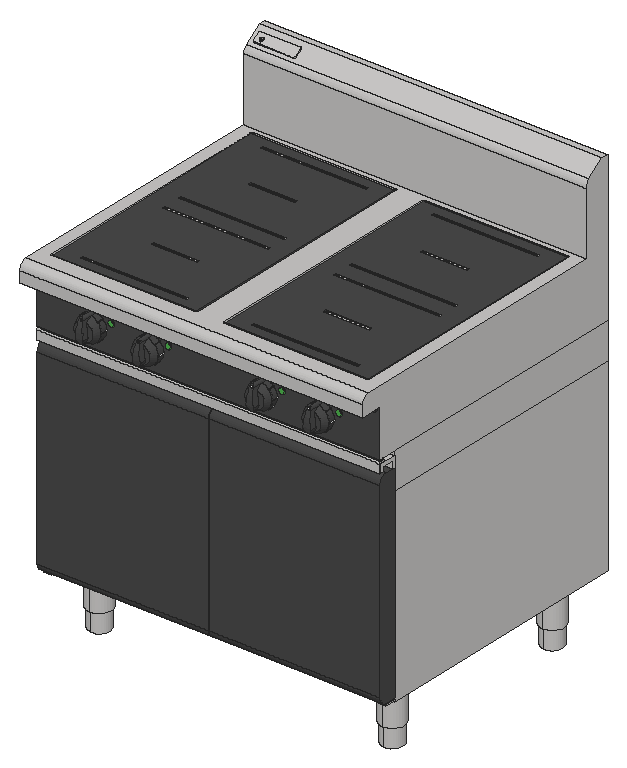
Revit family "QF_Moffat_INB8400R5-CD_Induction_Cooktop_cat", category Specialty Equipment, Revit 2019
Family settings
  Round Connector Dimension = Use Diameter
  Part Type = Normal
  Work Plane-Based = No
  Always vertical = Yes
  Cut with Voids When Loaded = No
  Shared = No
  Room Calculation Point = No
Parameters (values of type "INB8400R5-CD_415/60/3")
  Weight in Kilograms = 105
  Watts = 20000 W
  Volts = 415 V
  URL Cutsheet = ""
  Specification by User = ""
  Specification by Manufacturer = ""
  Show Logo [instance] = yes
  Serial Number = ""
  Seismic Rating = ""
  SMACNA No = ""
  Revision Code = ""
  Phase = 3
  Number of Poles = 1
  NAFEM Spec ID Number = ""
  Model = "INB8400R5-CD"
  Min Ckt Ampacity = 0 A
  Max Overcurrent Protection = 0 A
  Masterspec = ""
  Manufacturer = "Moffat"
  Length = 900 mm
  Item Number = ""
  Installed By = ""
  Identify Quantity as Lot = yes
  Height = 1130 mm
  HP = ""
  Furnished By = ""
  Foodservice Equipment Identifier = yes
  FL Amps = 28 A
  Electrical Remarks = ""
  Electric Connection Type = ""
  Elec Conn RI Height = 0 mm
  Elec Conn Connection Height = 0 mm
  Description = "Induction Cooktop"
  Depth = 805 mm
  Cycle = 60 Hz
  Conn Plug = ""
  Conn Conduit = yes
  CSI MasterFormat = ""
  Apparent Power = if(Phase = 3, Volts * FL Amps * 1.73, Volts * FL Amps)  # 20102.6 VA
Reference planes
  plane 1 "BACK": y = 0
  plane 2: z = 0
  plane 3 "LEFT": x = 0
  plane 4 "RIGHT": x = 900
  plane 5 "FRONT": y = -805
  plane 6 "TOP": z = 1130
  plane 7 "Center Y": x = 450
  plane 8 "Center X": y = -402.5
  plane 9: x = 65.5
  plane 10: x = 834.5
  plane 11: y = -30
  plane 12: z = 150
  plane 13: y = -100
  plane 14: y = -625
  plane 15: y = -70
  plane 16: z = 915
  plane 17: x = 770
Forms (mm)
  Extrusion 1, solid, material "QF_Metal_Stainless_Polished"
    sketch origin (0, 0, 560) x (0, 1, 0) y (0, 0, 1)
      loop
        line (0, 180) -> (0, 570) -> (-18.182, 570) -> (-60.863, 538.99)
        arc (-60.863, 538.99) -> (-67.584, 531.121) -> (-70, 521.058) r 22.165
        line (-70, 521.058) -> (-70, 355) -> (-784.417, 355)
        arc (-784.417, 355) -> (-798.971, 348.971) -> (-805, 334.417) r 20.583
        line (-805, 334.417) -> (-805, 305) -> (-749, 305) -> (-749, 180) -> (0, 180)
    from 0 to 900
  Extrusion 2, void
    sketch origin (0, -784.171, 915) x (0, 1, 0) y (-1, 0, 0)
      loop
        arc (699.341, -37.323) -> (697.584, -33.08) -> (693.341, -31.323) r 6
        line (693.341, -31.323) -> (45.245, -31.323)
        arc (45.245, -31.323) -> (41.002, -33.08) -> (39.245, -37.323) r 6
        line (39.245, -37.323) -> (39.245, -410.105)
        arc (39.245, -410.105) -> (41.002, -414.347) -> (45.245, -416.105) r 6
        line (45.245, -416.105) -> (693.341, -416.105)
        arc (693.341, -416.105) -> (697.584, -414.347) -> (699.341, -410.105) r 6
        line (699.341, -410.105) -> (699.341, -37.323)
      loop
        line (699.341, -862.677) -> (699.341, -489.895)
        arc (699.341, -489.895) -> (697.584, -485.653) -> (693.341, -483.895) r 6
        line (693.341, -483.895) -> (45.245, -483.895)
        arc (45.245, -483.895) -> (41.002, -485.653) -> (39.245, -489.895) r 6
        line (39.245, -489.895) -> (39.245, -862.677)
        arc (39.245, -862.677) -> (41.002, -866.92) -> (45.245, -868.677) r 6
        line (45.245, -868.677) -> (693.341, -868.677)
        arc (693.341, -868.677) -> (697.584, -866.92) -> (699.341, -862.677) r 6
    from 0 to -9.5
  Extrusion 3, solid, material "QF_Plastic_Black_Smooth"
    sketch origin (0, -784.171, 915) x (0, 1, 0) y (-1, 0, 0)
      loop
        line (695.341, -410.105) -> (695.341, -37.323)
        arc (695.341, -37.323) -> (694.755, -35.908) -> (693.341, -35.323) r 2
        line (693.341, -35.323) -> (45.245, -35.323)
        arc (45.245, -35.323) -> (43.831, -35.908) -> (43.245, -37.323) r 2
        line (43.245, -37.323) -> (43.245, -410.105)
        arc (43.245, -410.105) -> (43.831, -411.519) -> (45.245, -412.105) r 2
        line (45.245, -412.105) -> (693.341, -412.105)
        arc (693.341, -412.105) -> (694.755, -411.519) -> (695.341, -410.105) r 2
      loop
        line (667.194, -86.598) -> (661.194, -86.598) -> (661.194, -363.75) -> (667.194, -363.75) -> (667.194, -86.598)
      loop
        line (526.611, -163.924) -> (526.611, -283.924) -> (532.611, -283.924) -> (532.611, -163.924) -> (526.611, -163.924)
      loop
        line (398.444, -86.598) -> (392.444, -86.598) -> (392.444, -363.75) -> (398.444, -363.75) -> (398.444, -86.598)
      loop
        line (345.944, -86.598) -> (339.944, -86.598) -> (339.944, -363.75) -> (345.944, -363.75) -> (345.944, -86.598)
      loop
        line (206.611, -163.924) -> (206.611, -283.924) -> (212.611, -283.924) -> (212.611, -163.924) -> (206.611, -163.924)
      loop
        line (77.194, -86.598) -> (71.194, -86.598) -> (71.194, -363.75) -> (77.194, -363.75) -> (77.194, -86.598)
      loop
        arc (695.341, -489.895) -> (694.755, -488.481) -> (693.341, -487.895) r 2
        line (693.341, -487.895) -> (45.245, -487.895)
        arc (45.245, -487.895) -> (43.831, -488.481) -> (43.245, -489.895) r 2
        line (43.245, -489.895) -> (43.245, -862.677)
        arc (43.245, -862.677) -> (43.831, -864.092) -> (45.245, -864.677) r 2
        line (45.245, -864.677) -> (693.341, -864.677)
        arc (693.341, -864.677) -> (694.755, -864.092) -> (695.341, -862.677) r 2
        line (695.341, -862.677) -> (695.341, -489.895)
      loop
        line (667.194, -813.402) -> (667.194, -536.25) -> (661.194, -536.25) -> (661.194, -813.402) -> (667.194, -813.402)
      loop
        line (526.611, -736.076) -> (532.611, -736.076) -> (532.611, -616.076) -> (526.611, -616.076) -> (526.611, -736.076)
      loop
        line (398.444, -813.402) -> (398.444, -536.25) -> (392.444, -536.25) -> (392.444, -813.402) -> (398.444, -813.402)
      loop
        line (345.944, -813.402) -> (345.944, -536.25) -> (339.944, -536.25) -> (339.944, -813.402) -> (345.944, -813.402)
      loop
        line (206.611, -736.076) -> (212.611, -736.076) -> (212.611, -616.076) -> (206.611, -616.076) -> (206.611, -736.076)
      loop
        line (77.194, -813.402) -> (77.194, -536.25) -> (71.194, -536.25) -> (71.194, -813.402) -> (77.194, -813.402)
    from 0 to -9.5
  Extrusion 4, solid, material "QF_Metal_Stainless_Polished"
    sketch origin (0, 0, 600) x (0, 1, 0) y (0, 0, 1)
      loop
        line (-739.467, 140) -> (-738.192, 134.838)
        arc (-738.192, 134.838) -> (-738.307, 134.302) -> (-738.799, 134.063) r 0.625
        line (-738.799, 134.063) -> (-746.111, 134.063)
        arc (-746.111, 134.063) -> (-748.011, 133.276) -> (-748.797, 131.377) r 2.686
        line (-748.797, 131.377) -> (-748.797, 107.627) -> (-747.197, 107.627) -> (-747.197, 131.242)
        arc (-747.197, 131.242) -> (-746.84, 132.105) -> (-745.976, 132.463) r 1.221
        line (-745.976, 132.463) -> (-738.755, 132.463)
        arc (-738.755, 132.463) -> (-737.028, 133.304) -> (-736.625, 135.182) r 2.194
        line (-736.625, 135.182) -> (-737.815, 140) -> (-739.467, 140)
    from 0 to 900
  Extrusion 5, solid, material "QF_Plastic_Black_Smooth"
    sketch origin (0, -749, 741.875) x (0, 0, 1) y (-1, 0, 0)
      loop
        circle (112.843, -13.157) r 5
      loop
        circle (112.843, -886.843) r 5
    from 0 to 1.6
  Extrusion 6, solid, material "QF_Metal_Stainless_Polished"
    sketch origin (450, -699, 645) x (0, 1, 0) y (1, 0, 0)
      loop
        circle (669, 320) r 6.35
    from 0 to 10
  Extrusion 7, solid, material "QF_Metal_Stainless_Polished"
    sketch origin (0, -699, 645) x (1, 0, 0) y (0, -1, 0)
      loop
        line (0, -699) -> (900, -699) -> (900, 0) -> (849.2, 0) -> (849.2, -25.4) -> (485.8, -25.4) -> (485.8, 0) -> (414.2, 0) -> (414.2, -25.4) -> (50.8, -25.4) -> (50.8, 0) -> (0, 0) -> (0, -699)
    from 0 to -95
  Extrusion 8, solid, material "QF_Metal_Stainless_Polished"
    sketch origin (50.8, -30, 645) x (0, 1, 0) y (0, 0, 1)
      loop
        line (-669, 0) -> (-643.6, 0) -> (-643.6, 26.45) -> (-669, 26.45) -> (-669, 0)
      loop
        line (-669, 32.45) -> (-643.6, 32.45) -> (-643.6, 66.4) -> (-669, 66.4) -> (-669, 32.45)
      loop
        line (-669, 67.4) -> (-643.6, 67.4) -> (-643.6, 95) -> (-669, 95) -> (-669, 67.4)
    from 0 to 363.4
  Extrusion 9, solid, material "QF_Metal_Stainless_Polished"
    sketch origin (900, 0, 560) x (-1, 0, 0) y (0, -1, 0)
      loop
        line (536.25, 122.976) -> (536.25, 116.976) -> (813.402, 116.976) -> (813.402, 122.976) -> (536.25, 122.976)
      loop
        line (736.076, 251.56) -> (736.076, 257.56) -> (616.076, 257.56) -> (616.076, 251.56) -> (736.076, 251.56)
      loop
        line (813.402, 385.726) -> (813.402, 391.726) -> (536.25, 391.726) -> (536.25, 385.726) -> (813.402, 385.726)
      loop
        line (813.402, 438.226) -> (813.402, 444.226) -> (536.25, 444.226) -> (536.25, 438.226) -> (813.402, 438.226)
      loop
        line (736.076, 571.56) -> (736.076, 577.56) -> (616.076, 577.56) -> (616.076, 571.56) -> (736.076, 571.56)
      loop
        line (536.25, 712.976) -> (536.25, 706.976) -> (813.402, 706.976) -> (813.402, 712.976) -> (536.25, 712.976)
      loop
        line (363.75, 122.976) -> (86.598, 122.976) -> (86.598, 116.976) -> (363.75, 116.976) -> (363.75, 122.976)
      loop
        line (163.924, 251.56) -> (283.924, 251.56) -> (283.924, 257.56) -> (163.924, 257.56) -> (163.924, 251.56)
      loop
        line (86.598, 385.726) -> (363.75, 385.726) -> (363.75, 391.726) -> (86.598, 391.726) -> (86.598, 385.726)
      loop
        line (86.598, 438.226) -> (363.75, 438.226) -> (363.75, 444.226) -> (86.598, 444.226) -> (86.598, 438.226)
      loop
        line (163.924, 571.56) -> (283.924, 571.56) -> (283.924, 577.56) -> (163.924, 577.56) -> (163.924, 571.56)
      loop
        line (363.75, 712.976) -> (86.598, 712.976) -> (86.598, 706.976) -> (363.75, 706.976) -> (363.75, 712.976)
    from 355 to 345.5
  Extrusion 10, solid, material "QF_Paint_Green"
    sketch origin (63.231, -748.999, 713.75) x (0, 0, 1) y (-1, 0, 0)
      loop
        circle (100.3, -282.5) r 7.15
    from 0 to 1.6
  Extrusion 11, solid, material "QF_Plastic_Black_Smooth"
    sketch origin (75, -748.999, 725.625) x (0, 0, 1) y (-1, 0, 0)
      loop
        circle (112.843, -225) r 5
    from 0 to 1.6
  Extrusion 12, solid, material "QF_Paint_Green"
    sketch origin (-86.769, -748.999, 713.75) x (0, 0, 1) y (-1, 0, 0)
      loop
        circle (100.3, -282.5) r 7.15
    from 0 to 1.6
  Extrusion 13, solid, material "QF_Plastic_Black_Smooth"
    sketch origin (-75, -748.999, 725.625) x (0, 0, 1) y (-1, 0, 0)
      loop
        circle (112.843, -225) r 5
    from 0 to 1.6
  Extrusion 14, solid, material "QF_Paint_Green"
    sketch origin (511.981, -748.999, 713.75) x (0, 0, 1) y (-1, 0, 0)
      loop
        circle (100.3, -282.5) r 7.15
    from 0 to 1.6
  Extrusion 15, solid, material "QF_Plastic_Black_Smooth"
    sketch origin (523.75, -748.999, 725.625) x (0, 0, 1) y (-1, 0, 0)
      loop
        circle (112.843, -225) r 5
    from 0 to 1.6
  Extrusion 16, solid, material "QF_Paint_Green"
    sketch origin (361.981, -748.999, 713.75) x (0, 0, 1) y (-1, 0, 0)
      loop
        circle (100.3, -282.5) r 7.15
    from 0 to 1.6
  Extrusion 17, solid, material "QF_Plastic_Black_Smooth"
    sketch origin (373.75, -748.999, 725.625) x (0, 0, 1) y (-1, 0, 0)
      loop
        circle (112.843, -225) r 5
    from 0 to 1.6
  Extrusion 18, solid, material "QF_Metal_Stainless_Polished"
    sketch origin (849.2, -30, 645) x (0, 1, 0) y (0, 0, -1)
      loop
        line (-669, 0) -> (-669, -26.45) -> (-643.6, -26.45) -> (-643.6, 0) -> (-669, 0)
      loop
        line (-669, -32.45) -> (-669, -66.4) -> (-643.6, -66.4) -> (-643.6, -32.45) -> (-669, -32.45)
      loop
        line (-669, -67.4) -> (-669, -95) -> (-643.6, -95) -> (-643.6, -67.4) -> (-669, -67.4)
    from 0 to 363.4
Cuts and joins
  Extrusion 2 cuts Extrusion 1
Lines and regions (mm)
  symbolic lines
    curve 1: line (0, 0, 0) -> (900, 0, 0)
    curve 2: line (0, -805, 0) -> (0, 0, 0)
    curve 3: line (900, -805, 0) -> (0, -805, 0)
    curve 4: line (900, 0, 0) -> (900, -805, 0)
    curve 5: line (0, -18.182, 0) -> (900, -18.182, 0)
    curve 6: line (0, -70, 0) -> (450, -70, 0)
    curve 7: line (37.323, -84.83, 0) -> (410.105, -84.83, 0)
    curve 8: arc (410.105, -84.83, 0) -> (414.347, -86.587, 0) -> (416.105, -90.83, 0) r 6
    curve 9: line (416.105, -90.83, 0) -> (416.105, -738.926, 0)
    curve 10: arc (416.105, -738.926, 0) -> (414.347, -743.168, 0) -> (410.105, -744.926, 0) r 6
    curve 11: line (410.105, -744.926, 0) -> (37.323, -744.926, 0)
    curve 12: arc (37.323, -744.926, 0) -> (33.08, -743.168, 0) -> (31.323, -738.926, 0) r 6
    curve 13: line (31.323, -738.926, 0) -> (31.323, -90.83, 0)
    curve 14: arc (31.323, -90.83, 0) -> (33.08, -86.587, 0) -> (37.323, -84.83, 0) r 6
    curve 15: line (410.105, -88.83, 0) -> (37.323, -88.83, 0)
    curve 16: arc (37.323, -88.83, 0) -> (35.908, -89.415, 0) -> (35.323, -90.83, 0) r 2
    curve 17: line (35.323, -90.83, 0) -> (35.323, -738.926, 0)
    curve 18: arc (35.323, -738.926, 0) -> (35.908, -740.34, 0) -> (37.323, -740.926, 0) r 2
    curve 19: line (37.323, -740.926, 0) -> (410.105, -740.926, 0)
    curve 20: arc (410.105, -740.926, 0) -> (411.519, -740.34, 0) -> (412.105, -738.926, 0) r 2
    curve 21: line (412.105, -738.926, 0) -> (412.105, -90.83, 0)
    curve 22: arc (412.105, -90.83, 0) -> (411.519, -89.415, 0) -> (410.105, -88.83, 0) r 2
    curve 23: line (416.105, -738.926, 0) -> (416.105, -90.83, 0)
    curve 24: line (412.105, -90.83, 0) -> (412.105, -738.926, 0)
    curve 25: line (862.677, -84.83, 0) -> (489.895, -84.83, 0)
    curve 26: arc (489.895, -84.83, 0) -> (485.653, -86.587, 0) -> (483.895, -90.83, 0) r 6
    curve 27: arc (483.895, -738.926, 0) -> (485.653, -743.168, 0) -> (489.895, -744.926, 0) r 6
    curve 28: line (489.895, -744.926, 0) -> (862.677, -744.926, 0)
    curve 29: arc (862.677, -744.926, 0) -> (866.92, -743.168, 0) -> (868.677, -738.926, 0) r 6
    curve 30: line (868.677, -738.926, 0) -> (868.677, -90.83, 0)
    curve 31: arc (868.677, -90.83, 0) -> (866.92, -86.587, 0) -> (862.677, -84.83, 0) r 6
    curve 32: line (489.895, -88.83, 0) -> (862.677, -88.83, 0)
    curve 33: arc (862.677, -88.83, 0) -> (864.092, -89.415, 0) -> (864.677, -90.83, 0) r 2
    curve 34: line (864.677, -90.83, 0) -> (864.677, -738.926, 0)
    curve 35: arc (864.677, -738.926, 0) -> (864.092, -740.34, 0) -> (862.677, -740.926, 0) r 2
    curve 36: line (862.677, -740.926, 0) -> (489.895, -740.926, 0)
    curve 37: arc (489.895, -740.926, 0) -> (488.481, -740.34, 0) -> (487.895, -738.926, 0) r 2
    curve 38: arc (487.895, -90.83, 0) -> (488.481, -89.415, 0) -> (489.895, -88.83, 0) r 2
    curve 39: line (487.895, -90.83, 0) -> (487.895, -738.926, 0)
    curve 40: arc (487.895, -738.926, 0) -> (488.481, -740.34, 0) -> (489.895, -740.926, 0) r 2
    curve 41: line (489.895, -740.926, 0) -> (862.677, -740.926, 0)
    curve 42: arc (862.677, -740.926, 0) -> (864.092, -740.34, 0) -> (864.677, -738.926, 0) r 2
    curve 43: line (864.677, -738.926, 0) -> (864.677, -90.83, 0)
    curve 44: arc (864.677, -90.83, 0) -> (864.092, -89.415, 0) -> (862.677, -88.83, 0) r 2
    curve 45: line (862.677, -88.83, 0) -> (489.895, -88.83, 0)
    curve 46: arc (489.895, -88.83, 0) -> (488.481, -89.415, 0) -> (487.895, -90.83, 0) r 2
    curve 47: line (483.895, -90.83, 0) -> (483.895, -738.926, 0)
    curve 48: arc (483.895, -738.926, 0) -> (485.653, -743.168, 0) -> (489.895, -744.926, 0) r 6
    curve 49: line (489.895, -744.926, 0) -> (862.677, -744.926, 0)
    curve 50: arc (862.677, -744.926, 0) -> (866.92, -743.168, 0) -> (868.677, -738.926, 0) r 6
    curve 51: line (868.677, -738.926, 0) -> (868.677, -90.83, 0)
    curve 52: arc (868.677, -90.83, 0) -> (866.92, -86.587, 0) -> (862.677, -84.83, 0) r 6
    curve 53: line (862.677, -84.83, 0) -> (489.895, -84.83, 0)
    curve 54: arc (489.895, -84.83, 0) -> (485.653, -86.587, 0) -> (483.895, -90.83, 0) r 6
    curve 55: line (86.598, -122.976, 0) -> (363.75, -122.976, 0)
    curve 56: line (363.75, -122.976, 0) -> (363.75, -116.976, 0)
    curve 57: line (363.75, -116.976, 0) -> (86.598, -116.976, 0)
    curve 58: line (86.598, -116.976, 0) -> (86.598, -122.976, 0)
    curve 59: line (283.924, -251.56, 0) -> (163.924, -251.56, 0)
    curve 60: line (163.924, -251.56, 0) -> (163.924, -257.56, 0)
    curve 61: line (163.924, -257.56, 0) -> (283.924, -257.56, 0)
    curve 62: line (283.924, -257.56, 0) -> (283.924, -251.56, 0)
    curve 63: line (536.25, -122.976, 0) -> (813.402, -122.976, 0)
    curve 64: line (813.402, -122.976, 0) -> (813.402, -116.976, 0)
    curve 65: line (813.402, -116.976, 0) -> (536.25, -116.976, 0)
    curve 66: line (536.25, -116.976, 0) -> (536.25, -122.976, 0)
    curve 67: line (736.076, -251.56, 0) -> (616.076, -251.56, 0)
    curve 68: line (616.076, -251.56, 0) -> (616.076, -257.56, 0)
    curve 69: line (616.076, -257.56, 0) -> (736.076, -257.56, 0)
    curve 70: line (736.076, -257.56, 0) -> (736.076, -251.56, 0)
    curve 71: line (736.076, -571.56, 0) -> (616.076, -571.56, 0)
    curve 72: line (616.076, -571.56, 0) -> (616.076, -577.56, 0)
    curve 73: line (616.076, -577.56, 0) -> (736.076, -577.56, 0)
    curve 74: line (736.076, -577.56, 0) -> (736.076, -571.56, 0)
    curve 75: line (813.402, -706.976, 0) -> (536.25, -706.976, 0)
    curve 76: line (536.25, -706.976, 0) -> (536.25, -712.976, 0)
    curve 77: line (536.25, -712.976, 0) -> (813.402, -712.976, 0)
    curve 78: line (813.402, -712.976, 0) -> (813.402, -706.976, 0)
    curve 79: line (86.598, -712.976, 0) -> (363.75, -712.976, 0)
    curve 80: line (363.75, -712.976, 0) -> (363.75, -706.976, 0)
    curve 81: line (363.75, -706.976, 0) -> (86.598, -706.976, 0)
    curve 82: line (86.598, -706.976, 0) -> (86.598, -712.976, 0)
    curve 83: line (283.924, -577.56, 0) -> (163.924, -577.56, 0)
    curve 84: line (163.924, -577.56, 0) -> (163.924, -571.56, 0)
    curve 85: line (163.924, -571.56, 0) -> (283.924, -571.56, 0)
    curve 86: line (283.924, -571.56, 0) -> (283.924, -577.56, 0)
    curve 87: line (86.598, -444.226, 0) -> (363.75, -444.226, 0)
    curve 88: line (363.75, -444.226, 0) -> (363.75, -438.226, 0)
    curve 89: line (363.75, -438.226, 0) -> (86.598, -438.226, 0)
    curve 90: line (86.598, -438.226, 0) -> (86.598, -444.226, 0)
    curve 91: line (86.598, -391.726, 0) -> (363.75, -391.726, 0)
    curve 92: line (363.75, -391.726, 0) -> (363.75, -385.726, 0)
    curve 93: line (363.75, -385.726, 0) -> (86.598, -385.726, 0)
    curve 94: line (86.598, -385.726, 0) -> (86.598, -391.726, 0)
    curve 95: line (0, 0, 560) -> (900, 0, 560)
    curve 96: line (0, -805, 560) -> (0, 0, 560)
    curve 97: line (900, -805, 560) -> (0, -805, 560)
    curve 98: line (900, 0, 560) -> (900, -805, 560)
    curve 99: line (0, -18.182, 560) -> (900, -18.182, 560)
    curve 100: line (0, -70, 560) -> (900, -70, 560)
    curve 101: line (416.105, -90.83, 560) -> (416.105, -738.926, 560)
    curve 102: line (412.105, -738.926, 560) -> (412.105, -90.83, 560)
    curve 103: line (416.105, -738.926, 560) -> (416.105, -90.83, 560)
    curve 104: line (412.105, -90.83, 560) -> (412.105, -738.926, 560)
    curve 105: line (862.677, -84.83, 560) -> (489.895, -84.83, 560)
    curve 106: arc (483.895, -738.926, 560) -> (485.653, -743.168, 560) -> (489.895, -744.926, 560) r 6
    curve 107: line (489.895, -744.926, 560) -> (862.677, -744.926, 560)
    curve 108: arc (862.677, -744.926, 560) -> (866.92, -743.168, 560) -> (868.677, -738.926, 560) r 6
    curve 109: arc (864.677, -738.926, 560) -> (864.092, -740.34, 560) -> (862.677, -740.926, 560) r 2
    curve 110: line (862.677, -740.926, 560) -> (489.895, -740.926, 560)
    curve 111: arc (489.895, -740.926, 560) -> (488.481, -740.34, 560) -> (487.895, -738.926, 560) r 2
    curve 112: arc (487.895, -738.926, 560) -> (488.481, -740.34, 560) -> (489.895, -740.926, 560) r 2
    curve 113: line (489.895, -740.926, 560) -> (862.677, -740.926, 560)
    curve 114: arc (862.677, -740.926, 560) -> (864.092, -740.34, 560) -> (864.677, -738.926, 560) r 2
    curve 115: arc (483.895, -738.926, 560) -> (485.653, -743.168, 560) -> (489.895, -744.926, 560) r 6
    curve 116: line (489.895, -744.926, 560) -> (862.677, -744.926, 560)
    curve 117: arc (862.677, -744.926, 560) -> (866.92, -743.168, 560) -> (868.677, -738.926, 560) r 6
    curve 118: line (86.598, -122.976, 560) -> (363.75, -122.976, 560)
    curve 119: line (363.75, -122.976, 560) -> (363.75, -116.976, 560)
    curve 120: line (363.75, -116.976, 560) -> (86.598, -116.976, 560)
    curve 121: line (86.598, -116.976, 560) -> (86.598, -122.976, 560)
    curve 122: line (283.924, -251.56, 560) -> (163.924, -251.56, 560)
    curve 123: line (163.924, -251.56, 560) -> (163.924, -257.56, 560)
    curve 124: line (163.924, -257.56, 560) -> (283.924, -257.56, 560)
    curve 125: line (283.924, -257.56, 560) -> (283.924, -251.56, 560)
    curve 126: line (536.25, -122.976, 560) -> (813.402, -122.976, 560)
    curve 127: line (813.402, -122.976, 560) -> (813.402, -116.976, 560)
    curve 128: line (813.402, -116.976, 560) -> (536.25, -116.976, 560)
    curve 129: line (536.25, -116.976, 560) -> (536.25, -122.976, 560)
    curve 130: line (736.076, -251.56, 560) -> (616.076, -251.56, 560)
    curve 131: line (616.076, -251.56, 560) -> (616.076, -257.56, 560)
    curve 132: line (616.076, -257.56, 560) -> (736.076, -257.56, 560)
    curve 133: line (736.076, -257.56, 560) -> (736.076, -251.56, 560)
    curve 134: line (736.076, -571.56, 560) -> (616.076, -571.56, 560)
    curve 135: line (616.076, -571.56, 560) -> (616.076, -577.56, 560)
    curve 136: line (616.076, -577.56, 560) -> (736.076, -577.56, 560)
    curve 137: line (736.076, -577.56, 560) -> (736.076, -571.56, 560)
    curve 138: line (813.402, -706.976, 560) -> (536.25, -706.976, 560)
    curve 139: line (536.25, -706.976, 560) -> (536.25, -712.976, 560)
    curve 140: line (536.25, -712.976, 560) -> (813.402, -712.976, 560)
    curve 141: line (813.402, -712.976, 560) -> (813.402, -706.976, 560)
    curve 142: line (86.598, -712.976, 560) -> (363.75, -712.976, 560)
    curve 143: line (363.75, -712.976, 560) -> (363.75, -706.976, 560)
    curve 144: line (363.75, -706.976, 560) -> (86.598, -706.976, 560)
    curve 145: line (86.598, -706.976, 560) -> (86.598, -712.976, 560)
    curve 146: line (283.924, -577.56, 560) -> (163.924, -577.56, 560)
    curve 147: line (163.924, -577.56, 560) -> (163.924, -571.56, 560)
    curve 148: line (163.924, -571.56, 560) -> (283.924, -571.56, 560)
    curve 149: line (283.924, -571.56, 560) -> (283.924, -577.56, 560)
    curve 150: line (86.598, -444.226, 560) -> (363.75, -444.226, 560)
    curve 151: line (363.75, -444.226, 560) -> (363.75, -438.226, 560)
    curve 152: line (363.75, -438.226, 560) -> (86.598, -438.226, 560)
    curve 153: line (86.598, -438.226, 560) -> (86.598, -444.226, 560)
    curve 154: line (86.598, -391.726, 560) -> (363.75, -391.726, 560)
    curve 155: line (363.75, -391.726, 560) -> (363.75, -385.726, 560)
    curve 156: line (363.75, -385.726, 560) -> (86.598, -385.726, 560)
    curve 157: line (86.598, -385.726, 560) -> (86.598, -391.726, 560)
    curve 158: line (536.25, -391.726, 560) -> (813.402, -391.726, 560)
    curve 159: line (813.402, -391.726, 560) -> (813.402, -385.726, 560)
    curve 160: line (813.402, -385.726, 560) -> (536.25, -385.726, 560)
    curve 161: line (536.25, -385.726, 560) -> (536.25, -391.726, 560)
    curve 162: line (536.25, -444.226, 560) -> (813.402, -444.226, 560)
    curve 163: line (813.402, -444.226, 560) -> (813.402, -438.226, 560)
    curve 164: line (813.402, -438.226, 560) -> (536.25, -438.226, 560)
    curve 165: line (536.25, -438.226, 560) -> (536.25, -444.226, 560)
Dimensions and locks
  equal spacing: plane 3 "LEFT", plane 7 "Center Y", plane 4 "RIGHT"
  "Length": plane 3 "LEFT" to plane 4 "RIGHT"
  equal spacing: plane 5 "FRONT", plane 8 "Center X", plane 1 "BACK"
  "Depth": plane 5 "FRONT" to plane 1 "BACK"
  "Height": plane 6 "TOP" to level
  plane 9 to plane 10 = 769 mm
  plane 4 "RIGHT" to plane 3 "LEFT" = 900 mm
  plane 6 "TOP" to plane 2 = 1130 mm
  plane 1 "BACK" to plane 11 = 30 mm
  plane 1 "BACK" to plane 13 to plane 14 = 100 mm, 525 mm
  plane 1 "BACK" to plane 15 = 70 mm
  plane 16 to level = 915 mm  (x2)
  level to plane 12 = 150 mm
  plane 12 to level = 150 mm
  plane 4 "RIGHT" to plane 17 = 130 mm
  plane 1 "BACK" to plane 5 "FRONT" = 805 mm
  locked: plane 10 to plane 4 "RIGHT" at 65.5
  aligned and locked: level to plane 2
  aligned and locked: Extrusion 18 to Extrusion 7  (x2)
Automatic sketch dimensions
  Extrusion 1 sketch curve to plane 5 "FRONT" = 0 mm
  Extrusion 1 sketch curve to plane 16 = 0 mm
  Extrusion 1 sketch curve to plane 15 = 0 mm
  Extrusion 1 sketch curve to plane 6 "TOP" = 0 mm
  Extrusion 1 sketch curve to plane 1 "BACK" = 0 mm
  Extrusion 1 sketch curve to plane 5 "FRONT" = 20.583 mm
  Extrusion 1 sketch curve to plane 5 "FRONT" = 56 mm
  Extrusion 1 sketch curve to plane 15 = 9.137 mm
  plane 11 to Extrusion 1 sketch curve = 17.835 mm
  Extrusion 1 sketch curve to plane 11 = 11.818 mm
  Extrusion 1 sketch curve to Extrusion 1 sketch curve = 29.417 mm
  Extrusion 1 sketch curve to plane 16 = 175 mm
  Extrusion 1 sketch curve to plane 6 "TOP" = 48.942 mm
  Extrusion 2 sketch curve to Extrusion 1 = 39.492 mm  (x2)
  Extrusion 2 sketch curve to Extrusion 2 sketch curve = 6 mm  (x6)
  Extrusion 1 to Extrusion 2 sketch curve = 20.83 mm  (x4)
  Extrusion 1 to Extrusion 2 sketch curve = 31.323 mm
  Extrusion 2 sketch curve to Extrusion 2 sketch curve = 372.782 mm
  Extrusion 2 sketch curve to Extrusion 2 sketch curve = 67.791 mm
  Extrusion 1 to Extrusion 2 sketch curve = 37.323 mm
  Extrusion 4 sketch curve to plane 5 "FRONT" = 56.203 mm
  Extrusion 4 sketch curve to Extrusion 4 sketch curve = 1.6 mm
  Extrusion 4 sketch curve to Extrusion 4 sketch curve = 1.086 mm
  Extrusion 4 sketch curve to Extrusion 4 sketch curve = 0.135 mm  (x2)
  Extrusion 4 sketch curve to Extrusion 4 sketch curve = 6.644 mm
  Extrusion 4 sketch curve to Extrusion 4 sketch curve = 0.668 mm
  Extrusion 4 sketch curve to Extrusion 4 sketch curve = 0.044 mm
  Extrusion 4 sketch curve to Extrusion 4 sketch curve = 0.563 mm
  Extrusion 4 sketch curve to Extrusion 4 sketch curve = 1.652 mm
  Extrusion 4 sketch curve to Extrusion 4 sketch curve = 1.567 mm
  Extrusion 4 sketch curve to plane 16 = 207.373 mm
  Extrusion 4 sketch curve to Extrusion 4 sketch curve = 23.614 mm
  Extrusion 4 sketch curve to Extrusion 4 sketch curve = 0.594 mm
  Extrusion 4 sketch curve to Extrusion 4 sketch curve = 0.032 mm
  Extrusion 4 sketch curve to Extrusion 4 sketch curve = 5.162 mm
  Extrusion 1 to Extrusion 5 sketch curve = 10.282 mm  (x2)
  Extrusion 1 to Extrusion 5 sketch curve = 13.157 mm  (x2)
  Extrusion 12 sketch curve to plane 16 = 100.95 mm
  Extrusion 12 sketch curve to plane 9 = 130.231 mm
  Extrusion 13 sketch curve to plane 16 = 76.532 mm
  Extrusion 13 sketch curve to plane 9 = 84.5 mm
  plane 17 to Extrusion 14 sketch curve = 24.481 mm
  Extrusion 14 sketch curve to plane 16 = 100.95 mm
  Extrusion 15 sketch curve to plane 17 = 21.25 mm
  Extrusion 15 sketch curve to plane 16 = 76.532 mm
  Extrusion 16 sketch curve to plane 16 = 100.95 mm
  Extrusion 16 sketch curve to plane 17 = 125.519 mm
  plane 14 to Extrusion 18 sketch curve = 74 mm
  Extrusion 18 sketch curve to Extrusion 18 sketch curve = 0 mm  (x4)
  Extrusion 18 sketch curve to Extrusion 18 sketch curve = 25.4 mm
  Extrusion 18 sketch curve to plane 16 = 175 mm
  Extrusion 18 sketch curve to Extrusion 18 sketch curve = 27.6 mm
  Extrusion 18 sketch curve to Extrusion 18 sketch curve = 1 mm
  Extrusion 18 sketch curve to Extrusion 18 sketch curve = 33.95 mm
  Extrusion 18 sketch curve to Extrusion 18 sketch curve = 6 mm
  Extrusion 18 sketch curve to Extrusion 18 sketch curve = 26.45 mm
  Extrusion 3 sketch curve to Extrusion 1 = 43.492 mm  (x2)
  Extrusion 3 sketch curve to Extrusion 3 sketch curve = 2 mm  (x6)
  Extrusion 3 sketch curve to Extrusion 3 sketch curve = 25.949 mm  (x2)
  Extrusion 3 sketch curve to Extrusion 3 sketch curve = 6 mm  (x12)
  Extrusion 3 sketch curve to Extrusion 3 sketch curve = 129.416 mm  (x2)
  Extrusion 3 sketch curve to Extrusion 3 sketch curve = 127.334 mm  (x2)
  Extrusion 3 sketch curve to Extrusion 3 sketch curve = 46.5 mm  (x2)
  Extrusion 3 sketch curve to Extrusion 3 sketch curve = 128.166 mm  (x2)
  Extrusion 1 to Extrusion 3 sketch curve = 52.976 mm  (x2)
  Extrusion 1 to Extrusion 3 sketch curve = 20.83 mm  (x4)
  Extrusion 1 to Extrusion 3 sketch curve = 35.323 mm
  Extrusion 3 sketch curve to Extrusion 3 sketch curve = 49.275 mm  (x2)
  Extrusion 1 to Extrusion 3 sketch curve = 86.598 mm  (x4)
  Extrusion 3 sketch curve to Extrusion 3 sketch curve = 0 mm  (x4)
  Extrusion 3 sketch curve to Extrusion 3 sketch curve = 77.326 mm  (x2)
  Extrusion 3 sketch curve to Extrusion 3 sketch curve = 120 mm  (x4)
  Extrusion 3 sketch curve to Extrusion 3 sketch curve = 79.826 mm  (x5)
  Extrusion 3 sketch curve to Extrusion 3 sketch curve = 46.355 mm  (x3)
  Extrusion 3 sketch curve to Extrusion 3 sketch curve = 75.791 mm
  Extrusion 3 sketch curve to Extrusion 3 sketch curve = 172.5 mm
  Extrusion 1 to Extrusion 3 sketch curve = 37.323 mm
  curve 8 to curve 22 = 0 mm  (x2)
  curve 10 to curve 20 = 0 mm  (x2)
  curve 12 to curve 18 = 0 mm  (x2)
  curve 14 to curve 16 = 0 mm  (x2)
  curve 26 to curve 38 = 0 mm  (x2)
  curve 26 to curve 46 = 0 mm  (x2)
  curve 26 to curve 54 = 0 mm  (x2)
  curve 27 to curve 37 = 0 mm  (x2)
  curve 27 to curve 40 = 0 mm  (x2)
  curve 27 to curve 48 = 0 mm  (x2)
  curve 29 to curve 35 = 0 mm  (x2)
  curve 29 to curve 42 = 0 mm  (x2)
  curve 29 to curve 50 = 0 mm  (x2)
  curve 31 to curve 33 = 0 mm  (x2)
  curve 31 to curve 44 = 0 mm  (x2)
  curve 31 to curve 52 = 0 mm  (x2)
  curve 33 to curve 44 = 0 mm  (x2)
  curve 33 to curve 52 = 0 mm  (x2)
  curve 35 to curve 42 = 0 mm  (x2)
  curve 35 to curve 50 = 0 mm  (x2)
  curve 37 to curve 40 = 0 mm  (x2)
  curve 37 to curve 48 = 0 mm  (x2)
  curve 38 to curve 46 = 0 mm  (x2)
  curve 38 to curve 54 = 0 mm  (x2)
  curve 40 to curve 48 = 0 mm  (x2)
  curve 42 to curve 50 = 0 mm  (x2)
  curve 44 to curve 52 = 0 mm  (x2)
  curve 46 to curve 54 = 0 mm  (x2)
  plane 1 "BACK" to curve 1 = 0 mm
  curve 1 to plane 3 "LEFT" = 0 mm
  curve 6 to plane 7 "Center Y" = 0 mm
  curve 5 to plane 4 "RIGHT" = 0 mm
  plane 5 "FRONT" to curve 3 = 0 mm
  plane 15 to curve 6 = 0 mm
  plane 3 "LEFT" to curve 13 = 31.323 mm
  curve 13 to curve 17 = 4 mm
  curve 17 to curve 16 = 2 mm
  curve 17 to curve 18 = 2 mm
  curve 94 to plane 9 = 21.098 mm
  curve 57 to plane 9 = 21.098 mm
  curve 79 to plane 9 = 21.098 mm
  curve 87 to plane 9 = 21.098 mm
  curve 83 to plane 14 = 47.44 mm
  curve 83 to plane 9 = 98.424 mm
  curve 59 to plane 9 = 98.424 mm
  curve 60 to curve 61 = 120 mm
  curve 85 to plane 14 = 53.44 mm
  curve 84 to curve 85 = 120 mm
  curve 79 to plane 7 "Center Y" = 86.25 mm
  curve 88 to plane 8 "Center X" = 41.726 mm
  curve 88 to plane 7 "Center Y" = 86.25 mm
  plane 13 to curve 57 = 16.976 mm
  curve 57 to plane 7 "Center Y" = 86.25 mm
  plane 8 "Center X" to curve 93 = 16.774 mm
  curve 93 to curve 88 = 0 mm
  curve 10 to plane 7 "Center Y" = 39.895 mm
  curve 22 to plane 13 = 9.17 mm
  curve 22 to plane 7 "Center Y" = 39.895 mm
  curve 10 to curve 21 = 2 mm
  plane 7 "Center Y" to curve 47 = 33.895 mm
  curve 54 to curve 39 = 4 mm
  curve 38 to curve 45 = 2 mm
  curve 37 to curve 40 = 2 mm
  curve 27 to curve 77 = 46.355 mm
  plane 13 to curve 65 = 16.976 mm
  curve 38 to curve 65 = 46.355 mm
  curve 72 to plane 14 = 53.44 mm
  curve 72 to plane 17 = 153.924 mm
  curve 63 to curve 68 = 79.826 mm
  curve 70 to plane 17 = 33.924 mm
  curve 73 to plane 17 = 33.924 mm
  plane 10 to curve 65 = 21.098 mm
  plane 10 to curve 78 = 21.098 mm
  curve 33 to plane 13 = 9.17 mm
  curve 33 to plane 10 = 28.177 mm
  curve 50 to plane 10 = 28.177 mm
  curve 31 to curve 34 = 2 mm
  curve 28 to plane 5 "FRONT" = 60.074 mm
  curve 11 to plane 5 "FRONT" = 60.074 mm
  curve 29 to curve 77 = 25.949 mm
  curve 10 to curve 80 = 25.949 mm
  curve 79 to curve 82 = 6 mm
  curve 77 to curve 75 = 6 mm
  curve 73 to curve 71 = 6 mm
  curve 87 to curve 90 = 6 mm
  curve 92 to curve 92 = 6 mm
  plane 8 "Center X" to curve 68 = 144.94 mm
  plane 8 "Center X" to curve 61 = 144.94 mm
  curve 69 to curve 67 = 6 mm
  curve 61 to curve 62 = 6 mm
  curve 64 to curve 64 = 6 mm
  curve 55 to curve 57 = 6 mm
  curve 5 to plane 11 = 11.818 mm
  plane 8 "Center X" to curve 158 = 10.774 mm
  plane 7 "Center Y" to curve 158 = 86.25 mm
  curve 165 to curve 158 = 0 mm
  plane 10 to curve 159 = 21.098 mm
  plane 10 to curve 162 = 21.098 mm
  curve 163 to plane 8 "Center X" = 35.726 mm
  curve 165 to curve 164 = 6 mm
  curve 158 to curve 161 = 6 mm
  Extrusion 7 to Extrusion 6 sketch curve = 30 mm
  Extrusion 6 sketch curve to Extrusion 7 = 79.2 mm
  Extrusion 7 sketch curve to plane 3 "LEFT" = 0 mm
  Extrusion 7 sketch curve to plane 4 "RIGHT" = 0 mm
  plane 1 "BACK" to Extrusion 7 sketch curve = 0 mm
  plane 9 to Extrusion 7 sketch curve = 14.7 mm
  Extrusion 7 sketch curve to plane 7 "Center Y" = 35.8 mm
  plane 7 "Center Y" to Extrusion 7 sketch curve = 35.8 mm
  Extrusion 7 sketch curve to plane 10 = 14.7 mm
  plane 14 to Extrusion 7 sketch curve = 48.6 mm  (x2)
  Extrusion 7 sketch curve to Extrusion 7 sketch curve = 25.4 mm  (x3)
  Extrusion 8 sketch curve to Extrusion 7 = 0 mm  (x8)
  Extrusion 7 to Extrusion 8 sketch curve = 26.45 mm
  Extrusion 8 sketch curve to Extrusion 8 sketch curve = 6 mm
  Extrusion 7 to Extrusion 8 sketch curve = 28.6 mm
  Extrusion 8 sketch curve to Extrusion 8 sketch curve = 1 mm
  Extrusion 9 sketch curve to plane 10 = 21.098 mm  (x4)
  plane 17 to Extrusion 9 sketch curve = 33.924 mm  (x2)
  plane 14 to Extrusion 9 sketch curve = 47.44 mm
  Extrusion 9 sketch curve to Extrusion 9 sketch curve = 120 mm  (x2)
  plane 8 "Center X" to Extrusion 9 sketch curve = 41.726 mm  (x2)
  Extrusion 9 sketch curve to plane 7 "Center Y" = 86.25 mm  (x3)
  Extrusion 9 sketch curve to plane 8 "Center X" = 16.774 mm  (x2)
  Extrusion 9 sketch curve to Extrusion 9 sketch curve = 0 mm  (x2)
  Extrusion 9 sketch curve to plane 13 = 22.976 mm
  plane 7 "Center Y" to Extrusion 9 sketch curve = 86.25 mm  (x3)
  Extrusion 9 sketch curve to plane 13 = 16.976 mm
  plane 14 to Extrusion 9 sketch curve = 53.44 mm
  Extrusion 9 sketch curve to Extrusion 9 sketch curve = 79.826 mm  (x2)
  plane 9 to Extrusion 9 sketch curve = 98.424 mm  (x2)
  plane 9 to Extrusion 9 sketch curve = 21.098 mm  (x4)
  Extrusion 9 sketch curve to plane 14 = 81.976 mm  (x2)
  Extrusion 9 sketch curve to Extrusion 9 sketch curve = 6 mm  (x12)
  Extrusion 9 sketch curve to plane 8 "Center X" = 144.94 mm  (x2)
  Extrusion 10 sketch curve to plane 16 = 100.95 mm
  Extrusion 10 sketch curve to plane 7 "Center Y" = 104.269 mm
  Extrusion 11 sketch curve to plane 16 = 76.532 mm
  Extrusion 11 sketch curve to plane 7 "Center Y" = 150 mm
  Extrusion 17 sketch curve to plane 16 = 76.532 mm
  plane 7 "Center Y" to Extrusion 17 sketch curve = 148.75 mm
  curve 106 to curve 111 = 0 mm  (x2)
  curve 106 to curve 112 = 0 mm  (x2)
  curve 106 to curve 115 = 0 mm  (x2)
  curve 108 to curve 109 = 0 mm  (x2)
  curve 108 to curve 114 = 0 mm  (x2)
  curve 108 to curve 117 = 0 mm  (x2)
  curve 109 to curve 114 = 0 mm  (x2)
  curve 109 to curve 117 = 0 mm  (x2)
  curve 111 to curve 112 = 0 mm  (x2)
  curve 111 to curve 115 = 0 mm  (x2)
  curve 112 to curve 115 = 0 mm  (x2)
  curve 114 to curve 117 = 0 mm  (x2)
  plane 1 "BACK" to curve 95 = 0 mm
  curve 95 to plane 3 "LEFT" = 0 mm
  curve 98 to plane 4 "RIGHT" = 0 mm
  plane 5 "FRONT" to curve 97 = 0 mm
  plane 15 to curve 100 = 0 mm
  curve 153 to plane 9 = 21.098 mm
  curve 157 to plane 9 = 21.098 mm
  curve 145 to plane 9 = 21.098 mm
  curve 121 to plane 9 = 21.098 mm
  curve 148 to plane 9 = 98.424 mm
  curve 124 to plane 9 = 98.424 mm
  curve 123 to curve 125 = 120 mm
  curve 146 to plane 14 = 47.44 mm
  curve 146 to curve 146 = 120 mm
  plane 13 to curve 120 = 16.976 mm
  curve 120 to plane 7 "Center Y" = 86.25 mm
  curve 142 to plane 7 "Center Y" = 86.25 mm
  curve 152 to plane 8 "Center X" = 35.726 mm
  curve 152 to plane 7 "Center Y" = 86.25 mm
  plane 8 "Center X" to curve 154 = 10.774 mm
  curve 154 to curve 151 = 0 mm
  curve 104 to plane 7 "Center Y" = 37.895 mm
  curve 102 to curve 101 = 4 mm
  plane 7 "Center Y" to curve 107 = 39.895 mm
  plane 13 to curve 129 = 22.976 mm
  plane 7 "Center Y" to curve 129 = 86.25 mm
  curve 106 to curve 138 = 46.355 mm
  curve 135 to plane 14 = 53.44 mm
  curve 135 to plane 17 = 153.924 mm
  curve 126 to curve 130 = 79.826 mm
  curve 137 to plane 17 = 33.924 mm
  curve 133 to plane 17 = 33.924 mm
  plane 10 to curve 141 = 21.098 mm
  plane 10 to curve 128 = 21.098 mm
  curve 109 to plane 10 = 28.177 mm
  curve 116 to plane 5 "FRONT" = 60.074 mm
  curve 106 to curve 110 = 4 mm
  curve 110 to curve 117 = 2 mm
  curve 110 to curve 106 = 2 mm
  curve 104 to plane 5 "FRONT" = 66.074 mm
  curve 102 to curve 103 = 0 mm  (x2)
  curve 108 to curve 140 = 25.949 mm
  curve 102 to curve 143 = 25.949 mm
  curve 139 to curve 138 = 6 mm
  curve 142 to curve 144 = 6 mm
  curve 136 to curve 134 = 6 mm
  curve 146 to curve 148 = 6 mm
  curve 151 to curve 151 = 6 mm
  curve 154 to curve 157 = 6 mm
  plane 8 "Center X" to curve 132 = 144.94 mm
  plane 8 "Center X" to curve 125 = 144.94 mm
  curve 132 to curve 133 = 6 mm
  curve 124 to curve 122 = 6 mm
  curve 121 to curve 120 = 6 mm
  curve 126 to curve 128 = 6 mm
  curve 102 to plane 13 = 9.17 mm
  plane 15 to curve 105 = 14.83 mm
  plane 7 "Center Y" to curve 105 = 39.895 mm
  curve 105 to plane 10 = 28.177 mm
  curve 99 to plane 11 = 11.818 mm
  radius of Extrusion 5 sketch curve = 5 mm  (x2)
  radius of Extrusion 12 sketch curve = 7.15 mm
  radius of Extrusion 13 sketch curve = 5 mm
  radius of Extrusion 14 sketch curve = 7.15 mm
  radius of Extrusion 15 sketch curve = 5 mm
  radius of Extrusion 16 sketch curve = 7.15 mm
  radius of Extrusion 6 sketch curve = 6.35 mm
  radius of Extrusion 10 sketch curve = 7.15 mm
  radius of Extrusion 11 sketch curve = 5 mm
  radius of Extrusion 17 sketch curve = 5 mm
Nested families
  nested 1: "INLB8100F-CD_Closed Door 900" at (0, 0, 0), type "IN511F-LS"
  nested 2: "QF_LOGO_Waldorf" at (12, -52.35, 1105.175), visible <- "Show Logo", type "QF_LOGO_Waldorf"
  nested 3: "Knob" at (267.5, -739.499, 760.75), type "Knob"
  nested 4: "Knob" at (117.5, -739.499, 760.75), type "Knob"
  nested 5: "Knob" at (716.25, -739.499, 760.75), type "Knob"
  nested 6: "Knob" at (566.25, -739.499, 760.75), type "Knob"
Connectors
  electrical at (770, -30, 635), driven by "Volts", driven by "Watts"
    settings: on Extrusion 6, index 5, voltage 415 V, apparent load 20000 VA, apparent load phase1 0 VA, apparent load phase2 0 VA, apparent load phase3 0 VA, power factor 1, load classification "Other", number of poles 1, system type 30, power factor state 1, is connector primary yes, connector utility no, sub classification motor no, connector description "ELEECTRICAL CONNECTION"
Definition of nested family "INLB8100F-CD_Closed Door 900"
  Parameters (values of type "IN511F-LS")
    Model = ""
    Manufacturer = ""
    Description = ""
  Reference planes
    plane 1 "BACK": y = 0
    plane 2: z = 0
    plane 3 "LEFT": x = 0
    plane 4 "RIGHT": x = 900
    plane 5 "FRONT": y = -805
    plane 6 "TOP": z = 970
    plane 7 "Center Y": x = 450
    plane 8 "Center X": y = -402.5
    plane 9: x = 65.5
    plane 10: y = -100
    plane 11: y = -625
    plane 12: z = 150
    plane 13: z = 740
    plane 14: x = 834.5
  Forms (mm)
    Revolve 1, solid
      sketch origin (65.5, -4572, 255.2) x (0, 0, -1) y (0, -1, 0)
        loop
          line (255.2, -3974.5) -> (255.2, -3947) -> (105.2, -3947) -> (105.2, -3978.75) -> (205.2, -3978.75) -> (205.2, -3974.5) -> (255.2, -3974.5)
        axis (105.2, -3947) -> (255.2, -3947)
      angle from 0 to 360
    Extrusion 2, solid
      sketch origin (0, 0, 0) x (0, 1, 0) y (0, 0, 1)
        loop
          line (-50.8, 150) -> (-50.8, 242.5) -> (-699, 242.5) -> (-699, 150) -> (-50.8, 150)
      from 0 to 900
    Extrusion 3, solid
      sketch origin (-6096, 120, 150) x (0, 1, 0) y (-1, 0, 0)
        loop
          line (-120, -6096) -> (-819, -6096) -> (-819, -6146.8) -> (-170.8, -6146.8) -> (-170.8, -6513.1) -> (-819, -6513.1) -> (-819, -6578.9) -> (-170.8, -6578.9) -> (-170.8, -6945.2) -> (-819, -6945.2) -> (-819, -6996) -> (-120, -6996) -> (-120, -6096)
      from 0 to 590
    Revolve 4, solid
      sketch origin (65.5, -4047, 255.2) x (0, 0, -1) y (0, -1, 0)
        loop
          line (255.2, -3974.5) -> (255.2, -3947) -> (105.2, -3947) -> (105.2, -3978.75) -> (205.2, -3978.75) -> (205.2, -3974.5) -> (255.2, -3974.5)
        axis (105.2, -3947) -> (255.2, -3947)
      angle from 0 to 360
    Extrusion 5, solid
      sketch origin (0, 0, 0) x (0, 1, 0) y (0, 0, 1)
        loop
          line (-747.95, 679.363) -> (-747.95, 180.737)
          arc (-747.95, 180.737) -> (-741.656, 165.543) -> (-726.462, 159.25) r 21.488
          line (-726.462, 159.25) -> (-700.212, 159.25) -> (-700.212, 700.863) -> (-726.45, 700.863)
          arc (-726.45, 700.863) -> (-741.653, 694.566) -> (-747.95, 679.363) r 21.5
      from 0 to 450
    Extrusion 6, solid
      sketch origin (0, 0, 0) x (0, 1, 0) y (0, 0, 1)
        loop
          line (-699, 151.549) -> (-699, 155) -> (-727.22, 155) -> (-727.22, 151.549) -> (-699, 151.549)
      from 0 to 20.511
    Extrusion 7, solid
      sketch origin (0, -699, 151.549) x (-1, 0, 0) y (0, 1, 0)
        loop
          circle (-9.837, -12.705) r 5
      from -7.701 to 1.549
    Extrusion 8, solid
      sketch origin (240, 0, 0) x (0, 1, 0) y (0, 0, 1)
        loop
          line (-700.212, 700.863) -> (-700.212, 729.782) -> (-745.874, 729.782)
          arc (-745.874, 729.782) -> (-747.342, 729.174) -> (-747.95, 727.706) r 2.076
          line (-747.95, 727.706) -> (-747.95, 707.9) -> (-740.102, 707.9) -> (-740.102, 719.782) -> (-706.258, 719.782) -> (-706.258, 700.863) -> (-700.212, 700.863)
      from -240 to 209.732
    Revolve 9, solid
      sketch origin (834.5, -4572, 255.2) x (0, 0, -1) y (0, 1, 0)
        loop
          line (255.2, 3974.5) -> (205.2, 3974.5) -> (205.2, 3978.75) -> (105.2, 3978.75) -> (105.2, 3947) -> (255.2, 3947) -> (255.2, 3974.5)
        axis (105.2, 3947) -> (255.2, 3947)
      angle from 0 to 360
    Revolve 10, solid
      sketch origin (834.5, -4047, 255.2) x (0, 0, -1) y (0, 1, 0)
        loop
          line (255.2, 3974.5) -> (205.2, 3974.5) -> (205.2, 3978.75) -> (105.2, 3978.75) -> (105.2, 3947) -> (255.2, 3947) -> (255.2, 3974.5)
        axis (105.2, 3947) -> (255.2, 3947)
      angle from 0 to 360
    Extrusion 11, solid
      sketch origin (900, 0, 0) x (0, 1, 0) y (0, 0, -1)
        loop
          arc (-747.95, -679.363) -> (-741.653, -694.566) -> (-726.45, -700.863) r 21.5
          line (-726.45, -700.863) -> (-700.212, -700.863) -> (-700.212, -159.25) -> (-726.462, -159.25)
          arc (-726.462, -159.25) -> (-741.656, -165.543) -> (-747.95, -180.737) r 21.488
          line (-747.95, -180.737) -> (-747.95, -679.363)
      from 0 to 450
    Extrusion 12, solid
      sketch origin (900, 0, 0) x (0, 1, 0) y (0, 0, -1)
        loop
          line (-699, -151.549) -> (-727.22, -151.549) -> (-727.22, -155) -> (-699, -155) -> (-699, -151.549)
      from 0 to 20.511
    Extrusion 13, solid
      sketch origin (900, -699, 151.549) x (-1, 0, 0) y (0, 1, 0)
        loop
          circle (9.837, -12.705) r 5
      from -7.701 to 1.549
    Extrusion 14, solid
      sketch origin (660, 0, 0) x (0, 1, 0) y (0, 0, -1)
        loop
          line (-700.212, -700.863) -> (-706.258, -700.863) -> (-706.258, -719.782) -> (-740.102, -719.782) -> (-740.102, -707.9) -> (-747.95, -707.9) -> (-747.95, -727.706)
          arc (-747.95, -727.706) -> (-747.342, -729.174) -> (-745.874, -729.782) r 2.076
          line (-745.874, -729.782) -> (-700.212, -729.782) -> (-700.212, -700.863)
      from -240 to 209.694
  Cuts and joins
    joined: Extrusion 2, Extrusion 3
  Dimensions and locks
    equal spacing: plane 3 "LEFT", plane 7 "Center Y", plane 4 "RIGHT"
    plane 3 "LEFT" to plane 4 "RIGHT" = 900 mm
    equal spacing: plane 5 "FRONT", plane 8 "Center X", plane 1 "BACK"
    plane 5 "FRONT" to plane 1 "BACK" = 805 mm
    plane 6 "TOP" to level = 970 mm
    plane 4 "RIGHT" to plane 3 "LEFT" = 900 mm
    plane 1 "BACK" to plane 5 "FRONT" = 805 mm
    plane 6 "TOP" to plane 2 = 970 mm
    plane 1 "BACK" to plane 10 to plane 11 = 100 mm, 525 mm
    plane 12 to plane 2 = 150 mm
    plane 13 to level = 740 mm
    aligned and locked: level to plane 2
    aligned and locked: Extrusion 2 to plane 4 "RIGHT"
  Automatic sketch dimensions
    Revolve 1 sketch curve to plane 11 = 0 mm  (x2)
    Revolve 1 sketch curve to plane 12 = 0 mm
    Revolve 1 sketch curve to level = 0 mm  (x2)
    level to Revolve 1 sketch curve = 50 mm
    Revolve 1 sketch curve to Revolve 1 sketch curve = 27.5 mm
    Revolve 1 sketch curve to Revolve 1 sketch curve = 31.75 mm
    Revolve 1 sketch curve to Revolve 1 sketch curve = 25 mm
    Extrusion 2 sketch curve to plane 12 = 0 mm
    plane 11 to Extrusion 2 sketch curve = 74 mm
    Extrusion 2 sketch curve to plane 10 = 49.2 mm
    plane 12 to Extrusion 2 sketch curve = 92.5 mm
    Extrusion 3 sketch curve to plane 3 "LEFT" = 0 mm
    Extrusion 3 sketch curve to plane 4 "RIGHT" = 0 mm
    plane 1 "BACK" to Extrusion 3 sketch curve = 0 mm
    plane 14 to Extrusion 3 sketch curve = 14.7 mm
    Extrusion 3 sketch curve to plane 10 = 49.2 mm  (x2)
    plane 11 to Extrusion 3 sketch curve = 74 mm  (x3)
    plane 7 "Center Y" to Extrusion 3 sketch curve = 32.9 mm
    Extrusion 3 sketch curve to plane 7 "Center Y" = 32.9 mm
    plane 9 to Extrusion 3 sketch curve = 14.7 mm
    Revolve 4 sketch curve to plane 10 = 0 mm  (x2)
    Revolve 4 sketch curve to plane 12 = 0 mm
    Revolve 4 sketch curve to level = 0 mm  (x2)
    level to Revolve 4 sketch curve = 50 mm
    Revolve 4 sketch curve to Revolve 4 sketch curve = 27.5 mm
    Revolve 4 sketch curve to Revolve 4 sketch curve = 31.75 mm
    Revolve 4 sketch curve to Revolve 4 sketch curve = 25 mm
    Extrusion 5 sketch curve to plane 5 "FRONT" = 57.05 mm
    Extrusion 5 sketch curve to Extrusion 5 sketch curve = 21.488 mm
    Extrusion 5 sketch curve to Extrusion 5 sketch curve = 21.5 mm
    plane 12 to Extrusion 5 sketch curve = 9.25 mm
    Extrusion 5 sketch curve to Extrusion 5 sketch curve = 26.25 mm
    Extrusion 5 sketch curve to plane 13 = 60.637 mm
    plane 12 to Extrusion 6 sketch curve = 1.549 mm
    Extrusion 6 sketch curve to plane 5 "FRONT" = 77.78 mm
    plane 12 to Extrusion 6 sketch curve = 5 mm
    Extrusion 6 sketch curve to Extrusion 6 sketch curve = 28.22 mm
    Extrusion 7 sketch curve to Extrusion 6 = 9.837 mm
    Extrusion 6 to Extrusion 7 sketch curve = 12.705 mm
    Extrusion 8 sketch curve to plane 5 "FRONT" = 57.05 mm
    Extrusion 8 sketch curve to Extrusion 8 sketch curve = 2.076 mm
    Extrusion 8 sketch curve to Extrusion 8 sketch curve = 5.771 mm
    Extrusion 8 sketch curve to Extrusion 8 sketch curve = 33.844 mm
    Extrusion 8 sketch curve to Extrusion 8 sketch curve = 6.046 mm
    Extrusion 8 sketch curve to plane 13 = 39.137 mm
    Extrusion 8 sketch curve to plane 13 = 32.1 mm
    Extrusion 8 sketch curve to Extrusion 8 sketch curve = 11.882 mm
    Extrusion 8 sketch curve to Extrusion 8 sketch curve = 7.924 mm
    Revolve 9 sketch curve to plane 11 = 0 mm  (x2)
    Revolve 9 sketch curve to plane 12 = 0 mm
    Revolve 9 sketch curve to level = 0 mm  (x2)
    level to Revolve 9 sketch curve = 50 mm
    Revolve 9 sketch curve to plane 11 = 27.5 mm
    Revolve 9 sketch curve to Revolve 9 sketch curve = 4.25 mm
    Revolve 9 sketch curve to Revolve 9 sketch curve = 25 mm
    Revolve 10 sketch curve to plane 10 = 0 mm  (x2)
    Revolve 10 sketch curve to plane 12 = 0 mm
    Revolve 10 sketch curve to level = 0 mm  (x2)
    level to Revolve 10 sketch curve = 50 mm
    Revolve 10 sketch curve to plane 10 = 27.5 mm
    Revolve 10 sketch curve to Revolve 10 sketch curve = 4.25 mm
    Revolve 10 sketch curve to Revolve 10 sketch curve = 25 mm
    Extrusion 11 sketch curve to plane 5 "FRONT" = 57.05 mm
    Extrusion 11 sketch curve to Extrusion 11 sketch curve = 21.488 mm
    Extrusion 11 sketch curve to Extrusion 11 sketch curve = 21.5 mm
    plane 12 to Extrusion 11 sketch curve = 9.25 mm
    Extrusion 11 sketch curve to Extrusion 11 sketch curve = 26.25 mm
    Extrusion 11 sketch curve to plane 13 = 60.637 mm
    plane 12 to Extrusion 12 sketch curve = 1.549 mm
    Extrusion 12 sketch curve to plane 5 "FRONT" = 77.78 mm
    plane 12 to Extrusion 12 sketch curve = 5 mm
    Extrusion 12 sketch curve to Extrusion 12 sketch curve = 28.22 mm
    Extrusion 13 sketch curve to Extrusion 12 = 9.837 mm
    Extrusion 12 to Extrusion 13 sketch curve = 12.705 mm
    Extrusion 14 sketch curve to plane 5 "FRONT" = 57.05 mm
    Extrusion 14 sketch curve to Extrusion 14 sketch curve = 2.076 mm
    Extrusion 14 sketch curve to Extrusion 14 sketch curve = 5.771 mm
    Extrusion 14 sketch curve to Extrusion 14 sketch curve = 33.844 mm
    Extrusion 14 sketch curve to Extrusion 14 sketch curve = 6.046 mm
    Extrusion 14 sketch curve to plane 13 = 10.218 mm
    Extrusion 14 sketch curve to Extrusion 14 sketch curve = 7.924 mm
    Extrusion 14 sketch curve to Extrusion 14 sketch curve = 11.882 mm
    Extrusion 14 sketch curve to Extrusion 14 sketch curve = 18.919 mm
    radius of Extrusion 7 sketch curve = 5 mm
    radius of Extrusion 13 sketch curve = 5 mm
Definition of nested family "QF_LOGO_Waldorf"
  Parameters (values of type "QF_LOGO_Waldorf")
    Weight in Pounds = 0
    URL Cutsheet = ""
    Specification by User = ""
    Specification by Manufacturer = ""
    Serial Number = ""
    Seismic Rating = ""
    SMACNA No = ""
    Revision Code = ""
    NAFEM Spec ID Number = ""
    Masterspec = ""
    Length = 138 mm
    Item Number = ""
    Installed By = ""
    Identify Quantity as Lot = yes
    Height = 26.711 mm
    Furnished By = ""
    Foodservice Equipment Identifier = yes
    Depth = 3.175 mm
    CSI MasterFormat = ""
  Reference planes
    plane 1 "BACK": y = 0
    plane 2: z = 0
    plane 3 "LEFT": x = 0
    plane 4 "RIGHT": x = 138
    plane 5 "FRONT": y = -3.175
    plane 6 "TOP": z = 26.711
    plane 7 "Center Y": x = 69
    plane 8 "Center X": y = -1.587
  Forms (mm)
    Extrusion 1, solid
      sketch origin (0, 0, 0) x (1, 0, 0) y (0, 0.809017, 0.587785)
        loop
          line (109, 3.464) -> (109, 23.247)
          spline (109, 23.247) -> (108.966, 23.699) -> (108.864, 24.143) -> (108.696, 24.572) -> (108.464, 24.979) -> (108.173, 25.355) -> (107.828, 25.696) -> (107.435, 25.995) -> (107, 26.247) -> (106.531, 26.447) -> (106.035, 26.593) -> (105.522, 26.681) -> (105, 26.711)
          line (105, 26.711) -> (4, 26.711)
          spline (4, 26.711) -> (3.478, 26.681) -> (2.965, 26.593) -> (2.469, 26.447) -> (2, 26.247) -> (1.565, 25.995) -> (1.172, 25.696) -> (0.827, 25.355) -> (0.536, 24.979) -> (0.304, 24.572) -> (0.136, 24.143) -> (0.034, 23.699) -> (0, 23.247)
          line (0, 23.247) -> (0, 3.464)
          spline (0, 3.464) -> (0.034, 3.012) -> (0.136, 2.568) -> (0.304, 2.138) -> (0.536, 1.732) -> (0.827, 1.355) -> (1.172, 1.015) -> (1.565, 0.716) -> (2, 0.464) -> (2.469, 0.264) -> (2.965, 0.118) -> (3.478, 0.03) -> (4, 0)
          line (4, 0) -> (105, 0)
          spline (105, 0) -> (105.522, 0.03) -> (106.035, 0.118) -> (106.531, 0.264) -> (107, 0.464) -> (107.435, 0.716) -> (107.828, 1.015) -> (108.173, 1.355) -> (108.464, 1.732) -> (108.696, 2.138) -> (108.864, 2.568) -> (108.966, 3.012) -> (109, 3.464)
        loop
          line (14.75, 7.005) -> (14.75, 15.654)
          arc (14.75, 15.654) -> (10.425, 11.329) -> (14.75, 7.005) r 4.325
        loop
          line (15.25, 15.654) -> (15.25, 7.005)
          arc (15.25, 7.005) -> (19.575, 11.329) -> (15.25, 15.654) r 4.325
      from 0 to 3.2
    Extrusion 2, solid
      sketch origin (0, 0, 0) x (1, 0, 0) y (0, 0.809017, 0.587785)
        loop
          line (15.25, 15.654) -> (15.25, 7.005)
          arc (15.25, 7.005) -> (19.575, 11.329) -> (15.25, 15.654) r 4.325
      from 0 to 3.2
    Extrusion 3, solid
      sketch origin (16.271, 0, 0) x (-1, 0, 0) y (0, -0.809017, -0.587785)
        loop
          arc (1.521, -15.654) -> (5.846, -11.329) -> (1.521, -7.005) r 4.325
          line (1.521, -7.005) -> (1.521, -15.654)
      from 0 to 3.2
  Lines and regions (mm)
    Split face 1
      outline origin (0, -1.881, 2.589) x (1, 0, 0) y (0, 0.809017, 0.587785)
        loop
          spline (22.129, 16.975) -> (22.389, 15.984) -> (22.649, 15.002) -> (22.91, 14.028) -> (23.172, 13.065) -> (23.433, 12.11) -> (23.695, 11.166) -> (23.956, 10.232) -> (24.218, 9.308) -> (24.479, 8.396) -> (24.74, 7.495) -> (25, 6.605) -> (25.26, 5.728)
          line (25.26, 5.728) -> (29.463, 5.728)
          spline (29.463, 5.728) -> (29.582, 6.252) -> (29.701, 6.78) -> (29.82, 7.313) -> (29.939, 7.85) -> (30.058, 8.391) -> (30.178, 8.936) -> (30.297, 9.485) -> (30.416, 10.038) -> (30.536, 10.594) -> (30.655, 11.155) -> (30.775, 11.719) -> (30.894, 12.287)
          spline (30.894, 12.287) -> (31.018, 11.719) -> (31.142, 11.155) -> (31.266, 10.594) -> (31.39, 10.038) -> (31.514, 9.485) -> (31.638, 8.936) -> (31.762, 8.391) -> (31.885, 7.85) -> (32.009, 7.313) -> (32.133, 6.78) -> (32.256, 6.252) -> (32.379, 5.728)
          line (32.379, 5.728) -> (36.51, 5.728)
          spline (36.51, 5.728) -> (36.766, 6.605) -> (37.023, 7.495) -> (37.28, 8.396) -> (37.538, 9.308) -> (37.795, 10.232) -> (38.053, 11.166) -> (38.311, 12.11) -> (38.569, 13.065) -> (38.826, 14.028) -> (39.083, 15.002) -> (39.34, 15.984) -> (39.597, 16.975)
          line (39.597, 16.975) -> (35.637, 16.975)
